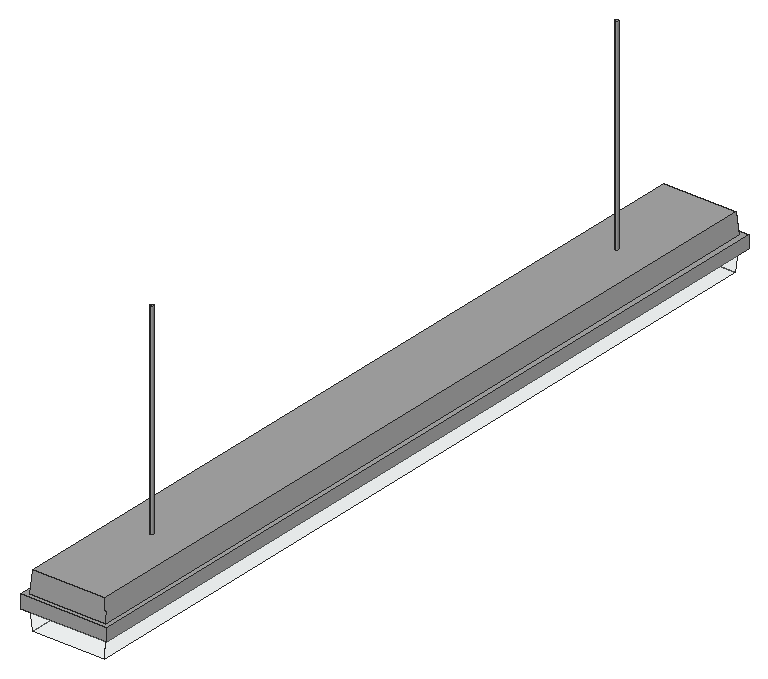
Revit family "Certus LED", category Lighting Fixtures, host Ceiling, Revit 2014
Parameters (values of type "Certus 60W LED")
  Wattage = 60 W
  WarrantyGuarantorParts = "n/a"
  WarrantyDurationParts = "n/a"
  WarrantyDescription = "n/a"
  built-in parameter 1150110 = 1 (stored number, unit not read)
  Version = "v.1.0"
  Uniclass2 = "Pr_70_70_49_43 Light-Emitting Diode (LED) Luminaires"
  Uniclass 1.4 = "JY73"
  URL = "http://riegens.com/certus-led"
  TotalWattage = "Max. 60W"
  built-in parameter 1114217 = 1 (stored number, unit not read)
  Tilt Angle = 90.00°
  built-in parameter 1150109 = 1 (stored number, unit not read)
  built-in parameter 1150134 = 12
  TagNumber = "n/a"
  SustainabilityPerformance = "n/a"
  built-in parameter 1150113 = 1 (stored number, unit not read)
  SupplyCircuitConductorConnections = "n/a"
  Size = "108 x 1574 x 169 mm"
  Shape = "Rectangle"
  ProductInformation = "http://riegens.com/certus-led"
  PhotometricPerformance = "In accordance with BS EN 13032-1"
  Photometric Web File = "Certus LED 60W 4000K Prismatic diffuser PMMA IP65.ies"
  PhaseReference = "IEC recommendations"
  Optic = "Direct: Profiled clear front cover"
  Offset from ceiling = 400 mm
  NominalVoltage = "220-240V"
  ModelReference = "Certus LED 60W LED"
  Model = "Certus 60W LED"
  Material = "Glassfibre polyester reinforced, Acrylic or PC and Stainless steel."
  ManufacturersSpecificInformation = "n/a"
  ManufacturerURL = "www.riegens.com"
  Manufacturer = "Riegens A/S"
  built-in parameter 1150105 = 506.11 (stored number, unit not read)
  Lumens = 6360 lm
  LuminaireType = "Surface or Suspended Direct LED Luminaire"
  LuminairePowerFactor = ">0,9"
  built-in parameter 1150115 = 1 (stored number, unit not read)
  LightSource = "LED 4000K"
  LightFixturePlacingType = "Ceiling"
  LightFixtureMountingType = "Surface or Suspended"
  built-in parameter 1150137 = (empty or 0)
  built-in parameter 1150139 = (empty or 0)
  LampType = "LED"
  LampRating = "60W"
  LampColourRenderingIndex = "Ra>80"
  built-in parameter 1150112 = 1 (stored number, unit not read)
  built-in parameter 1150114 = 1 (stored number, unit not read)
  InternalFuse = "Only required in emergency versions"
  InsulationStandardClass = "Class 1"
  built-in parameter 1150132 = (empty or 0)
  built-in parameter 1150102 = (empty or 0)
  built-in parameter 1150107 = 4000 (stored number, unit not read)
  built-in parameter 1150138 = (empty or 0)
  built-in parameter 1150106 = 5.0611 (stored number, unit not read)
  IfcExportType = "NOTDEFINED'"
  IfcExportAs = "IfcLightFixtureType'"
  IP_Code = "IP65"
  Height 1 = 108 mm
  HasProtectiveEarth = "TRUE"
  Grade = "n/a"
  Frame Width = 1574 mm
  Frame Depth = 169 mm
  Frame = Riegens_Glass_polyester mat
  Fp = 1140 mm
  Finish = "Glassfibre and acrylic or polycarbonate."
  Features = "n/a"
  built-in parameter 1150104 = 9.8477 (stored number, unit not read)
  Documentation = "See URL hyperlink"
  DocumentReference = "See URL hyperlink"
  Dimming Lamp Color Temperature Shift = <None>
  Description = "70-80-35 General Lighting Systems"
  ControlGearPosition = "Integrated "
  Constituents = "n/a"
  Colour = "Grey backcover and stainless steel clips."
  Color Filter = 16777215
  CodePerformance = "n/a"
  CCSTopnode = "L"
  CCSClassName = "Belysningsarmatur"
  CCSClassCode = "UAC"
  BarCode = "n/a"
  BallastsCELMAEnergyEfficiencyIndex = "Class A1/A2"
  built-in parameter 1114218 = 1 (stored number, unit not read)
  BSAB 96 = "SNB.2"
  BIMObjectName = "Certus LED 60W LED.rfa"
  Author = "3dbyggeri"
  built-in parameter 1150133 = 10 (stored number, unit not read)
  AssetType = "Moveable/Fixed"
  AssetIdentifier = "n/a"
  ArticleNumber = "See URL hyperlink"
  Apparent Load = 240 VA
  AccessibilityPerformance = "n/a"
Types (2, lengths in mm): name | Wattage | TotalWattage | Size | Photometric Web File | ModelReference | Model | built-in parameter 1150105 | Lumens | LampRating | built-in parameter 1150106 | Frame Width | Fp | BIMObjectName
  Certus 60W LED | 60 W | "Max. 60W" | "108 x 1574 x 169 mm" | "Certus LED 60W 4000K Prismatic diffuser PMMA IP65.ies" | "Certus LED 60W LED" | "Certus 60W LED" | 506.11 (stored number, unit not read) | 6360 lm | "60W" | 5.0611 (stored number, unit not read) | 1574 | 1140 | "Certus LED 60W LED.rfa"
  Certus 36W / 49W LED | 49 W | "Max. 36W / 49W" | "108 x 1274 x 169 mm" | "Certus LED 49W 4000K Prismatic diffuser PMMA IP65.ies" | "Certus LED 36W / 49W LED.rfa" | "Certus 36W / 49W LED" | 413.33 (stored number, unit not read) | 5194 lm | "36W / 49W" | 4.1333 (stored number, unit not read) | 1274 | 840 | "Certus LED 36W / 49W LED.rfa"
Reference planes
  plane 1 "Light Source Axis (F/B)": y = 0
  plane 2: z = 0
  plane 3 "Light Source Axis (L/R)": x = 0
  plane 4 "Ceiling": z = 4000
  plane 5 "Light Source Elevation": z = 3533.5
  plane 6: z = 3492
  plane 7: z = 3600
  plane 8: y = 787
  plane 9: y = -787
  plane 10: x = 84.5
  plane 11: x = -84.5
  plane 12: z = 3533.5
  plane 13: y = 777
  plane 14: y = 773.369
  plane 15: y = -773.369
  plane 16: y = -777
  plane 17: x = 74.5
  plane 18: x = 70.869
  plane 19: x = -70.869
  plane 20: x = -74.5
  plane 21: z = 3558.5
  plane 22: y = -570
  plane 23: y = 570
Forms (mm)
  Extrusion 1, solid, material "Riegens_Aluminum_powder coated grey"
    sketch origin (0, 0, 4000) x (0, 1, 0) y (-1, 0, 0)
      loop
        line (787, 84.5) -> (-787, 84.5) -> (-787, -84.5) -> (787, -84.5) -> (787, 84.5)
    from -466.5 to -441.5
  Blend 2, solid, material "Riegens_Glass_opal"
    base sketch origin (0, 0, 4000) x (0, 1, 0) y (-1, 0, 0)
      loop
        line (777, 74.5) -> (-777, 74.5) -> (-777, -74.5) -> (777, -74.5) -> (777, 74.5)
    top sketch origin (0, 0, 4000) x (0, 1, 0) y (-1, 0, 0)
      loop
        line (773.369, 70.869) -> (-773.369, 70.869) -> (-773.369, -70.869) -> (773.369, -70.869) -> (773.369, 70.869)
    from -466.5 to -508
  Blend 3, solid, material "Riegens_Aluminum_powder coated grey"
    base sketch origin (0, 0, 4000) x (0, 1, 0) y (-1, 0, 0)
      loop
        line (777, 74.5) -> (-777, 74.5) -> (-777, -74.5) -> (777, -74.5) -> (777, 74.5)
    top sketch origin (0, 0, 4000) x (0, 1, 0) y (-1, 0, 0)
      loop
        line (-773.369, 70.869) -> (-773.369, -70.869) -> (773.369, -70.869) -> (773.369, 70.869) -> (-773.369, 70.869)
    from -441.5 to -400
  Extrusion 4, solid, material "Riegens_Aluminum_powder coated grey"
    sketch origin (0, 0, 4000) x (0, 1, 0) y (-1, 0, 0)
      loop
        circle (-570, 0) r 3
    from -400 to 0
  Extrusion 5, solid, material "Riegens_Aluminum_powder coated grey"
    sketch origin (0, 0, 4000) x (0, 1, 0) y (-1, 0, 0)
      loop
        circle (570, 0) r 3
    from -400 to 0
Dimensions and locks
  equal spacing: host sketch curve, plane 3 "Light Source Axis (L/R)", host sketch curve
  equal spacing: host sketch curve, plane 1 "Light Source Axis (F/B)", host sketch curve
  host sketch curve to host sketch curve = 4000 mm  (x2)
  locked: plane 4 "Ceiling" to host ceiling at 0
  "Height 1": plane 6 to plane 7
  "Offset from ceiling": plane 7 to plane 4 "Ceiling"
  equal spacing: plane 8, plane 1 "Light Source Axis (F/B)", plane 9
  "Frame Width": plane 9 to plane 8
  equal spacing: plane 11, plane 3 "Light Source Axis (L/R)", plane 10
  "Frame Depth": plane 11 to plane 10
  locked: plane 12 to plane 7 at 66.5
  locked: plane 9 to plane 16 at 10
  locked: plane 15 to plane 16 at 3.631
  locked: plane 13 to plane 14 at 3.631
  locked: plane 8 to plane 13 at 10
  locked: plane 11 to plane 20 at 10
  locked: plane 17 to plane 10 at 10
  locked: plane 20 to plane 19 at 3.631
  locked: plane 18 to plane 17 at 3.631
  locked: plane 12 to plane 21 at 25
  locked: plane 9 to plane 22 at 217
  locked: plane 8 to plane 23 at 217
  aligned and locked: Extrusion 1 sketch curve to plane 9
  aligned and locked: Extrusion 1 sketch curve to plane 10
  aligned and locked: Extrusion 1 sketch curve to plane 11
  aligned and locked: Extrusion 1 sketch curve to plane 8
  aligned and locked: plane 12 to Extrusion 1
  aligned and locked: plane 16 to Blend 2 sketch curve
  aligned and locked: Blend 2 sketch curve to plane 17
  aligned and locked: plane 20 to Blend 2 sketch curve
  aligned and locked: Blend 2 sketch curve to plane 13
  aligned and locked: Blend 2 sketch curve to plane 18
  aligned and locked: plane 15 to Blend 2 sketch curve
  aligned and locked: plane 19 to Blend 2 sketch curve
  aligned and locked: Blend 2 sketch curve to plane 14
  aligned and locked: plane 12 to Blend 2
  aligned and locked: Blend 2 to plane 6
  aligned and locked: Extrusion 1 to plane 21
  aligned and locked: plane 16 to Blend 3 sketch curve
  aligned and locked: Blend 3 sketch curve to plane 17
  aligned and locked: Blend 3 sketch curve to plane 13
  aligned and locked: plane 20 to Blend 3 sketch curve
  aligned and locked: plane 18 to Blend 3 sketch curve
  aligned and locked: plane 14 to Blend 3 sketch curve
  aligned and locked: Blend 3 sketch curve to plane 19
  aligned and locked: Blend 3 sketch curve to plane 15
  aligned and locked: plane 21 to Blend 3
  aligned and locked: Blend 3 to plane 7
  aligned and locked: plane 7 to Extrusion 4
  aligned and locked: Extrusion 4 to plane 4 "Ceiling"
  aligned and locked: plane 7 to Extrusion 5
  aligned and locked: Extrusion 5 to plane 4 "Ceiling"
  aligned and locked: imposter light to Extrusion 1
Automatic sketch dimensions
  Extrusion 4 sketch curve to plane 3 "Light Source Axis (L/R)" = 0 mm
  Extrusion 4 sketch curve to plane 22 = 0 mm
  Extrusion 5 sketch curve to plane 3 "Light Source Axis (L/R)" = 0 mm
  Extrusion 5 sketch curve to plane 23 = 0 mm
  radius of Extrusion 4 sketch curve = 3 mm
  radius of Extrusion 5 sketch curve = 3 mm
Connectors
  electrical at (0, 775.185, 3579.25)
    settings: on Blend 3, index 1, voltage 0 V, apparent load 0 VA, apparent load phase1 0 VA, apparent load phase2 0 VA, apparent load phase3 0 VA, power factor 1, load classification "Other", number of poles 1, system type 31, power factor state 1, is connector primary yes, connector utility no, sub classification motor no, connector description ""
